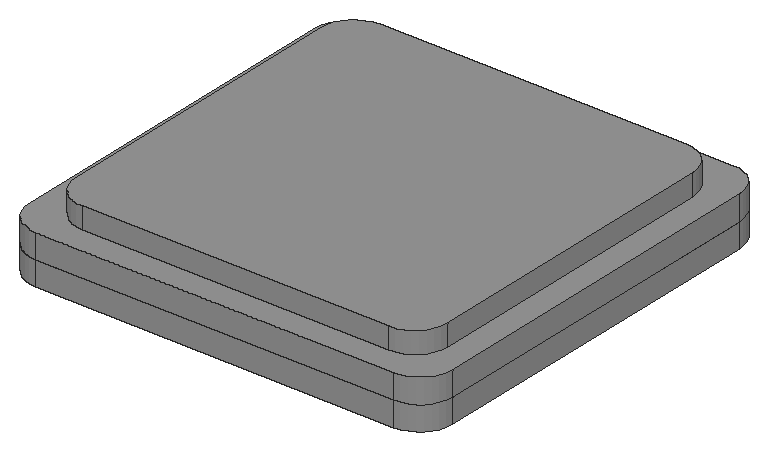
Revit family "FMS2_63_UN_Surface-mounted_ETK", category Lighting Fixtures, Revit 2019 (continued)
Definition of nested family "FMS.2 - Lightsource"
  Types (14, lengths in mm): name | Wattage Comments | Wattage | built-in parameter 1150134 | Photometric Web File | built-in parameter 1150142 | built-in parameter 1150105 | Lumens | built-in parameter 1150107 | built-in parameter 1150106 | Apparent Load
      462.4653\t461.567\t460.6688\r\n459.6422\t458.744\t457.7174\t456.6909\t455.6643\t454.5094\t453.4829\t452.4563\t451.3014\t449.505\r\n447.5802\t445.6554\t443.7306\t441.8058\t439.881\t437.8278\t435.6464\t433.5933\t431.5402\t429.487\r\n427.4339\t425.2525\t423.1994\t421.1462\t418.8365\t416.655\t414.4736\t412.2922\t410.1107\t407.801\r\n405.4912\t403.1814\t400.7434\t398.5619\t396.2522\t393.6858\t390.8627\t388.0397\t385.2166\t382.2653\r\n379.4422\t376.4909\t373.4112\t370.4598\t367.5085\t364.5571\t361.6058\t358.7827\t355.8314\t352.88\r\n349.9286\t346.9773\t344.1542\t341.2029\t338.2515\t335.1718\t332.2205\t329.2691\t326.3178\t323.1098\r\n319.7734\t316.3088\t312.8442\t309.3795\t306.0432\t302.7069\t299.2422\t295.9059\t292.5696\t289.2333\r\n285.897\t282.4323\t279.096\t275.7597\t272.295\t268.9587\t265.6224\t262.2861\t258.9498\t255.7418\r\n252.2771\t248.8125\t245.2195\t241.7549\t238.1619\t234.6973\t231.1043\t227.6397\t224.175\t220.7104\r\n217.1174\t213.7811\t210.3165\t206.8518\t203.3872\t200.0509\t196.5862\t193.2499\t189.7853\t186.3206\r\n182.5994\t179.0064\t175.5418\t171.9488\t168.3558\t164.8912\t161.4266\t157.8336\t154.2406\t150.776\r\n147.183\t143.7184\t140.2538\t136.6608\t133.1962\t129.7315\t126.3439\t122.9691\t119.5942\t116.2323\r\n112.8831\t109.5468\t106.2105\t102.8998\t99.602\t96.3042\t93.0192\t89.747\t86.4877\t83.2412\r\n79.9947\t76.7482\t73.8867\t71.0764\t68.2791\t65.4945\t62.71\t59.9383\t57.1794\t54.4205\r\n51.6745\t48.9284\t46.1952\t43.462\t40.7288\t38.0084\t34.8004\t29.7702\t24.7401\t19.71\r\n14.6798\t9.6548\t4.6259\t0\t0\t0\t0\t0\t0\t0\r\n0\r\n473.6291\t473.1158\t472.6026\t471.961\t471.4477\t470.8061\t470.2928\t469.6512\t469.0096\t468.368\r\n467.7264\t466.9565\t466.1866\t465.4166\t464.6467\t463.8768\t463.1069\t462.337\t461.567\t460.7971\r\n459.8989\t458.8723\t457.9741\t457.0758\t456.0493\t455.0227\t453.9962\t452.0714\t450.2749\t448.4784\r\n446.6819\t444.7571\t442.8323\t440.9075\t438.9827\t437.0579\t435.1331\t433.2083\t431.1552\t429.1021\r\n427.049\t424.9958\t422.9427\t420.8896\t418.7082\t416.655\t414.6019\t412.5488\t410.3674\t408.1859\r\n406.0045\t403.823\t401\t398.177\t395.4822\t392.5309\t389.7078\t386.7565\t383.9334\t381.2387\r\n378.4157\t375.5926\t372.7696\t369.9466\t367.1235\t364.3005\t361.4774\t358.6544\t355.703\t352.88\r\n350.057\t347.2339\t344.2826\t341.4595\t338.5082\t335.1718\t331.8355\t328.6275\t325.2912\t321.9549\r\n318.6186\t315.2822\t311.9459\t308.6096\t305.2733\t301.937\t298.6006\t295.2643\t291.928\t288.72\r\n285.3837\t282.0474\t278.8394\t275.503\t272.295\t268.9587\t265.4941\t261.9011\t258.4365\t254.9718\r\n251.5072\t248.0426\t244.5779\t241.1133\t237.5203\t234.0557\t230.591\t227.1264\t223.6618\t220.1971\r\n216.8608\t213.3962\t209.9315\t206.5952\t203.2589\t199.7942\t196.2013\t192.6083\t189.0154\t185.4224\r\n181.8294\t178.2365\t174.6435\t171.1789\t167.5859\t164.1213\t160.5283\t157.0637\t153.599\t150.1344\r\n146.5414\t143.0768\t139.6122\t136.1475\t132.8112\t129.3466\t125.9461\t122.5584\t119.1708\t115.796\r\n112.4212\t109.0592\t105.71\t102.3609\t99.0245\t95.7011\t92.3904\t89.0797\t85.7819\t82.5483\r\n79.6739\t76.8124\t73.9508\t71.1021\t68.2534\t65.4175\t62.5817\t59.7458\t56.9099\t54.0997\r\n51.2767\t48.4665\t45.6563\t42.8589\t40.0615\t36.43\t31.4641\t26.4981\t21.5321\t16.5533\r\n11.5873\t6.6187\t1.6476\t0\t0\t0\t0\t0\t0\t0\r\n0\r\n473.6291\t473.1158\t472.4742\t471.961\t471.3194\t470.6778\t470.1645\t469.5229\t468.8813\t468.2397\r\n467.5981\t466.9565\t466.1866\t465.4166\t464.6467\t463.8768\t463.1069\t462.337\t461.567\t460.7971\r\n460.0272\t459.2573\t458.359\t457.4608\t456.5626\t455.0227\t453.2262\t451.4298\t449.6333\t447.7085\r\n445.912\t444.1155\t442.1907\t440.3942\t438.4694\t436.5446\t434.6198\t432.695\t430.7702\t428.8454\r\n426.9206\t424.9958\t423.071\t421.0179\t418.9648\t417.04\t414.9869\t412.9338\t410.7523\t408.0576\r\n405.3629\t402.6682\t399.9734\t397.2787\t394.584\t391.761\t389.0662\t386.2432\t383.5485\t380.7254\r\n377.9024\t375.2077\t372.3846\t369.6899\t366.8669\t364.1722\t361.3491\t358.6544\t355.9597\t353.265\r\n350.4419\t347.3622\t344.0259\t340.8179\t337.4816\t334.1453\t330.9373\t327.601\t324.393\t321.0566\r\n317.8486\t314.5123\t311.3043\t307.968\t304.76\t301.552\t298.344\t295.0077\t291.7997\t288.5917\r\n285.2554\t282.0474\t278.711\t275.1181\t271.6534\t268.1888\t264.7242\t261.2595\t257.7949\t254.4586\r\n250.9939\t247.5293\t244.0646\t240.6\t237.2637\t233.799\t230.3344\t226.9981\t223.5334\t220.0688\r\n216.7325\t213.2678\t209.6749\t206.0819\t202.489\t199.0243\t195.4314\t191.8384\t188.2454\t184.7808\r\n181.1878\t177.7232\t174.1302\t170.5373\t167.0726\t163.4797\t160.015\t156.5504\t152.9574\t149.4928\r\n146.0282\t142.6918\t139.2272\t135.8909\t132.4262\t129.0899\t125.7023\t122.3018\t118.9141\t115.5265\r\n112.1388\t108.764\t105.3892\t102.0144\t98.6396\t95.2776\t91.9156\t88.6306\t85.6664\t82.7279\r\n79.7765\t76.8508\t73.9252\t71.0123\t68.0994\t65.2122\t62.325\t59.4507\t56.5635\t53.6891\r\n50.8276\t47.966\t45.0916\t42.2429\t38.4703\t33.5428\t28.6154\t23.675\t18.7476\t13.8201\r\n8.8849\t3.9535\t0\t0\t0\t0\t0\t0\t0\t0\r\n0\r\n473.6291\t473.1158\t472.4742\t471.8326\t471.191\t470.6778\t470.0362\t469.3946\t468.753\t468.1114\r\n467.4698\t466.8282\t466.1866\t465.4166\t464.6467\t464.0051\t463.2352\t462.4653\t461.6954\t460.9254\r\n460.1555\t459.3856\t458.6157\t457.8458\t456.1776\t454.3811\t452.5846\t450.7882\t448.9917\t447.1952\r\n445.3987\t443.6022\t441.8058\t440.0093\t438.2128\t436.288\t434.4915\t432.5667\t430.6419\t428.8454\r\n426.9206\t424.9958\t423.071\t421.1462\t419.3498\t417.425\t415.2435\t412.5488\t409.9824\t407.2877\r\n404.593\t401.8982\t399.2035\t396.5088\t393.9424\t391.1194\t388.553\t385.8582\t383.1635\t380.4688\r\n377.7741\t375.0794\t372.513\t369.8182\t366.9952\t364.3005\t361.6058\t358.911\t355.8314\t352.6234\r\n349.4154\t346.2074\t342.9994\t339.7914\t336.5834\t333.3754\t330.1674\t326.9594\t323.7514\t320.5434\r\n317.3354\t314.1274\t310.9194\t307.7114\t304.6317\t301.4237\t298.2157\t295.0077\t291.928\t288.4634\r\n284.9987\t281.5341\t278.0694\t274.6048\t271.1402\t267.6755\t264.2109\t260.7462\t257.4099\t253.9453\r\n250.609\t247.1443\t243.808\t240.3434\t237.007\t233.6707\t230.2061\t226.8698\t223.5334\t219.9405\r\n216.3475\t212.7546\t209.1616\t205.5686\t201.9757\t198.3827\t194.9181\t191.3251\t187.8605\t184.2675\r\n180.8029\t177.2099\t173.7453\t170.2806\t166.6877\t163.223\t159.6301\t156.1654\t152.7008\t149.2362\r\n145.7715\t142.3069\t138.9706\t135.5059\t132.0413\t128.705\t125.266\t121.8655\t118.4779\t115.0774\r\n111.6897\t108.3021\t104.9144\t101.5396\t98.1648\t94.79\t91.8001\t88.8231\t85.8461\t82.8691\r\n79.9049\t76.9407\t73.9893\t71.038\t68.0866\t65.1352\t62.1839\t59.2453\t56.294\t53.3555\r\n50.4169\t47.4784\t44.5399\t40.8956\t35.9809\t31.0791\t26.1644\t21.2626\t16.3608\t11.45\r\n6.5443\t1.6399\t0\t0\t0\t0\t0\t0\t0\t0\r\n0\r\n473.6291\t473.1158\t472.4742\t471.8326\t471.191\t470.5494\t469.9078\t469.2662\t468.6246\t467.983\r\n467.3414\t466.6998\t466.0582\t465.4166\t464.775\t464.0051\t463.3635\t462.5936\t461.8237\t461.1821\r\n460.4122\t459.6422\t458.8723\t457.2042\t455.4077\t453.7395\t452.0714\t450.2749\t448.6067\t446.9386\r\n445.1421\t443.3456\t441.5491\t439.7526\t437.9562\t436.1597\t434.3632\t432.5667\t430.7702\t428.9738\r\n427.1773\t425.2525\t423.456\t421.6595\t419.6064\t416.9117\t414.3453\t411.7789\t409.0842\t406.5178\r\n403.9514\t401.2566\t398.6902\t396.1238\t393.5574\t390.8627\t388.2963\t385.7299\t383.0352\t380.4688\r\n377.7741\t375.2077\t372.513\t369.8182\t367.2518\t364.5571\t361.3491\t358.2694\t355.0614\t351.8534\r\n348.7738\t345.5658\t342.3578\t339.2781\t336.0701\t332.9904\t329.7824\t326.5744\t323.4947\t320.2867\r\n317.207\t313.999\t310.791\t307.7114\t304.5034\t301.2954\t298.0874\t294.6227\t291.1581\t287.8218\r\n284.3571\t280.8925\t277.5562\t274.0915\t270.7552\t267.2906\t263.8259\t260.4896\t257.1533\t253.6886\r\n250.3523\t247.016\t243.5514\t240.215\t236.8787\t233.5424\t230.0778\t226.4848\t222.8918\t219.4272\r\n215.8342\t212.2413\t208.6483\t205.0554\t201.5907\t197.9978\t194.4048\t190.9402\t187.3472\t183.8826\r\n180.2896\t176.825\t173.3603\t169.7674\t166.3027\t162.8381\t159.3734\t155.9088\t152.4442\t148.9795\r\n145.5149\t142.1786\t138.7139\t135.2493\t131.913\t128.4483\t125.035\t121.6089\t118.1956\t114.7694\r\n111.3689\t107.9556\t104.5551\t101.1547\t97.9467\t94.944\t91.9284\t88.9258\t85.9102\t82.9076\r\n79.9049\t76.9022\t73.8995\t70.9096\t67.9069\t64.9171\t61.9272\t58.9374\t55.9604\t52.9705\r\n49.9935\t47.0036\t43.7186\t38.8296\t33.9278\t29.0388\t24.137\t19.248\t14.359\t9.4598\r\n4.5656\t0\t0\t0\t0\t0\t0\t0\t0\t0\r\n0\r\n473.6291\t472.9875\t472.3459\t471.7043\t471.191\t470.5494\t469.9078\t469.2662\t468.6246\t467.983\r\n467.3414\t466.6998\t466.0582\t465.4166\t464.6467\t464.0051\t463.3635\t462.7219\t462.0803\t461.3104\r\n460.6688\t459.8989\t458.4874\t456.8192\t455.151\t453.3546\t451.6864\t449.8899\t448.2218\t446.4253\r\n444.7571\t443.089\t441.2925\t439.6243\t437.8278\t436.1597\t434.3632\t432.5667\t430.7702\t428.9738\r\n427.1773\t425.3808\t423.7126\t421.4029\t418.8365\t416.3984\t413.832\t411.2656\t408.6992\t406.1328\r\n403.5664\t401\t398.4336\t395.8672\t393.3008\t390.7344\t388.168\t385.6016\t383.0352\t380.4688\r\n377.9024\t375.336\t372.7696\t370.0749\t367.1235\t363.9155\t360.8358\t357.6278\t354.5482\t351.4685\r\n348.2605\t345.1808\t342.1011\t339.0214\t335.8134\t332.7338\t329.6541\t326.4461\t323.3664\t320.1584\r\n317.0787\t313.999\t310.791\t307.7114\t304.375\t301.0387\t297.5741\t294.2378\t290.7731\t287.4368\r\n283.9722\t280.6358\t277.1712\t273.8349\t270.4986\t267.0339\t263.6976\t260.3613\t256.8966\t253.5603\r\n250.224\t246.8877\t243.423\t240.0867\t236.6221\t233.1574\t229.5645\t226.0998\t222.5069\t218.9139\r\n215.4493\t211.8563\t208.3917\t204.7987\t201.3341\t197.7411\t194.2765\t190.6835\t187.2189\t183.6259\r\n180.1613\t176.5683\t173.1037\t169.5107\t166.0461\t162.5814\t159.1168\t155.7805\t152.3158\t148.8512\r\n145.3866\t141.9219\t138.4573\t134.9926\t131.528\t128.1532\t124.7142\t121.2752\t117.8491\t114.4101\r\n110.984\t107.5578\t104.1188\t101.0007\t97.9723\t94.944\t91.9156\t88.8873\t85.8589\t82.8434\r\n79.815\t76.7995\t73.784\t70.7556\t67.7401\t64.7246\t61.7091\t58.6936\t55.678\t52.6625\r\n49.6598\t46.6443\t42.089\t37.2\t32.2981\t27.4092\t22.5073\t17.6183\t12.7255\t7.8314\r\n2.9372\t0\t0\t0\t0\t0\t0\t0\t0\t0\r\n0\r\n473.6291\t472.9875\t472.3459\t471.7043\t471.0627\t470.4211\t469.7795\t469.1379\t468.4963\t467.8547\r\n467.2131\t466.5715\t465.9299\t465.2883\t464.6467\t464.0051\t463.3635\t462.7219\t462.0803\t461.4387\r\n460.7971\t459.7706\t458.1024\t456.5626\t454.7661\t453.0979\t451.4298\t449.7616\t448.0934\t446.4253\r\n444.6288\t442.9606\t441.2925\t439.496\t437.8278\t436.1597\t434.3632\t432.695\t430.8986\t429.2304\r\n427.4339\t425.7658\t423.456\t421.0179\t418.4515\t415.8851\t413.447\t410.8806\t408.3142\t405.8762\r\n403.3098\t400.7434\t398.177\t395.6106\t393.0442\t390.6061\t388.0397\t385.4733\t383.0352\t380.4688\r\n377.9024\t375.336\t372.6413\t369.5616\t366.4819\t363.4022\t360.3226\t357.2429\t354.1632\t351.0835\r\n348.0038\t344.9242\t341.7162\t338.6365\t335.5568\t332.4771\t329.3974\t326.3178\t323.2381\t320.1584\r\n317.0787\t313.999\t310.9194\t307.4547\t304.1184\t300.6538\t297.3174\t293.9811\t290.5165\t287.1802\r\n283.8438\t280.3792\t277.0429\t273.7066\t270.3702\t266.9056\t263.5693\t260.233\t256.7683\t253.432\r\n250.0957\t246.7594\t243.2947\t239.8301\t236.2371\t232.7725\t229.1795\t225.7149\t222.2502\t218.6573\r\n215.1926\t211.5997\t208.135\t204.5421\t201.0774\t197.6128\t194.0198\t190.5552\t187.0906\t183.4976\r\n180.033\t176.5683\t172.9754\t169.5107\t166.0461\t162.5814\t159.1168\t155.6522\t152.1875\t148.7229\r\n145.2582\t141.7936\t138.329\t134.8643\t131.3997\t127.9864\t124.5346\t121.0699\t117.6181\t114.1663\r\n110.7145\t107.2627\t104.1188\t101.0648\t98.0236\t94.9825\t91.9413\t88.9001\t85.8589\t82.8177\r\n79.7765\t76.7354\t73.707\t70.6658\t67.6246\t64.5835\t61.5551\t58.5139\t55.4727\t52.4444\r\n49.4032\t45.7461\t40.8571\t35.9553\t31.0534\t26.1516\t21.2626\t16.3608\t11.459\t6.5597\r\n1.6617\t0\t0\t0\t0\t0\t0\t0\t0\t0\r\n0\r\n473.6291\t472.9875\t472.3459\t471.7043\t471.0627\t470.4211\t469.7795\t469.1379\t468.4963\t467.8547\r\n467.2131\t466.5715\t465.9299\t465.2883\t464.6467\t464.0051\t463.3635\t462.7219\t462.0803\t461.4387\r\n460.7971\t459.5139\t457.8458\t456.1776\t454.5094\t452.8413\t451.1731\t449.505\t447.8368\t446.1686\r\n444.5005\t442.9606\t441.2925\t439.6243\t437.9562\t436.288\t434.6198\t432.8234\t431.1552\t429.487\r\n427.8189\t425.7658\t423.1994\t420.7613\t418.1949\t415.7568\t413.1904\t410.7523\t408.1859\t405.6195\r\n403.1814\t400.615\t398.177\t395.6106\t393.0442\t390.6061\t388.0397\t385.6016\t383.0352\t380.5971\r\n378.0307\t375.4643\t372.3846\t369.305\t366.2253\t363.1456\t360.0659\t356.9862\t353.9066\t350.8269\r\n347.7472\t344.6675\t341.5878\t338.5082\t335.4285\t332.4771\t329.3974\t326.3178\t323.2381\t320.1584\r\n317.0787\t313.999\t310.6627\t307.1981\t303.8618\t300.5254\t297.1891\t293.8528\t290.3882\t287.0518\r\n283.7155\t280.3792\t276.9146\t273.5782\t270.2419\t266.9056\t263.5693\t260.1046\t256.7683\t253.432\r\n250.0957\t246.631\t243.1664\t239.7018\t236.1088\t232.6442\t229.0512\t225.5866\t221.9936\t218.529\r\n215.0643\t211.4714\t208.0067\t204.4138\t200.9491\t197.4845\t193.8915\t190.4269\t186.8339\t183.3693\r\n179.9046\t176.3117\t172.847\t169.3824\t165.9178\t162.4531\t158.9885\t155.5238\t152.0592\t148.5946\r\n145.1299\t141.7936\t138.329\t134.8643\t131.3997\t127.8965\t124.4319\t120.9801\t117.5155\t114.0636\r\n110.599\t107.314\t104.26\t101.1932\t98.1391\t95.0723\t92.0183\t88.9514\t85.8974\t82.8306\r\n79.7765\t76.7225\t73.6557\t70.6017\t67.5476\t64.4936\t61.4396\t58.3856\t55.3188\t52.2647\r\n49.2107\t44.8607\t39.9588\t35.057\t30.1552\t25.2534\t20.3516\t15.4497\t10.5453\t5.6435\r\n0.741\t0\t0\t0\t0\t0\t0\t0\t0\t0\r\n0\r\n473.6291\t472.9875\t472.3459\t471.7043\t471.0627\t470.4211\t469.7795\t469.1379\t468.4963\t467.8547\r\n467.2131\t466.5715\t465.9299\t465.2883\t464.6467\t464.0051\t463.3635\t462.7219\t462.0803\t461.567\r\n460.9254\t459.2573\t457.5891\t456.0493\t454.3811\t452.713\t451.0448\t449.3766\t447.7085\t446.0403\r\n444.3722\t442.704\t441.1642\t439.496\t437.8278\t436.1597\t434.4915\t432.8234\t431.1552\t429.487\r\n427.8189\t425.5091\t422.9427\t420.5046\t417.9382\t415.5002\t413.0621\t410.4957\t408.0576\t405.4912\r\n403.0531\t400.615\t398.0486\t395.6106\t393.0442\t390.6061\t388.0397\t385.6016\t383.1635\t380.5971\r\n378.159\t375.2077\t372.128\t369.0483\t366.097\t363.0173\t359.9376\t356.9862\t353.9066\t350.8269\r\n347.7472\t344.7958\t341.7162\t338.6365\t335.5568\t332.6054\t329.5258\t326.4461\t323.3664\t320.2867\r\n317.207\t313.999\t310.5344\t307.1981\t303.8618\t300.3971\t297.0608\t293.7245\t290.3882\t286.9235\r\n283.5872\t280.2509\t276.9146\t273.5782\t270.1136\t266.7773\t263.441\t260.1046\t256.7683\t253.3037\r\n249.9674\t246.5027\t243.0381\t239.4451\t235.9805\t232.5158\t228.9229\t225.4582\t221.9936\t218.4006\r\n214.936\t211.4714\t207.8784\t204.4138\t200.9491\t197.3562\t193.8915\t190.4269\t186.8339\t183.3693\r\n179.9046\t176.44\t172.9754\t169.5107\t166.0461\t162.5814\t159.1168\t155.6522\t152.1875\t148.7229\r\n145.2582\t141.7936\t138.329\t134.8643\t131.3997\t127.8709\t124.4062\t120.9416\t117.477\t114.0123\r\n110.5477\t107.4295\t104.3627\t101.2958\t98.229\t95.1621\t92.0953\t89.0284\t85.9616\t82.8947\r\n79.8279\t76.761\t73.6942\t70.6273\t67.5605\t64.4936\t61.4268\t58.3599\t55.2931\t52.2262\r\n49.1594\t44.3859\t39.4712\t34.5566\t29.6548\t24.7401\t19.8254\t14.9236\t10.0077\t5.0969\r\n0.1859\t0\t0\t0\t0\t0\t0\t0\t0\t0\r\n0\r\n473.6291\t472.9875\t472.4742\t471.8326\t471.191\t470.5494\t469.9078\t469.2662\t468.6246\t467.983\r\n467.3414\t466.6998\t466.0582\t465.4166\t464.775\t464.1334\t463.4918\t462.8502\t462.2086\t461.567\r\n460.9254\t459.2573\t457.7174\t456.0493\t454.3811\t452.713\t451.0448\t449.3766\t447.7085\t446.0403\r\n444.5005\t442.8323\t441.1642\t439.496\t437.8278\t436.1597\t434.4915\t432.8234\t431.2835\t429.6154\r\n427.9472\t425.3808\t422.9427\t420.3763\t417.9382\t415.5002\t412.9338\t410.4957\t407.9293\t405.4912\r\n402.9248\t400.4867\t397.9203\t395.4822\t393.0442\t390.4778\t388.0397\t385.4733\t383.0352\t380.4688\r\n378.0307\t374.951\t371.9997\t368.92\t365.8403\t362.889\t359.8093\t356.7296\t353.7782\t350.6986\r\n347.6189\t344.6675\t341.5878\t338.5082\t335.5568\t332.4771\t329.3974\t326.4461\t323.3664\t320.2867\r\n317.3354\t313.8707\t310.5344\t307.1981\t303.8618\t300.5254\t297.0608\t293.7245\t290.3882\t287.0518\r\n283.7155\t280.2509\t276.9146\t273.5782\t270.2419\t266.9056\t263.441\t260.1046\t256.7683\t253.432\r\n249.9674\t246.5027\t243.0381\t239.5734\t235.9805\t232.5158\t229.0512\t225.4582\t221.9936\t218.529\r\n215.0643\t211.4714\t208.0067\t204.5421\t200.9491\t197.4845\t194.0198\t190.4269\t186.9622\t183.4976\r\n180.033\t176.5683\t172.9754\t169.5107\t166.0461\t162.5814\t159.1168\t155.6522\t152.1875\t148.7229\r\n145.2582\t141.7936\t138.329\t134.8643\t131.3997\t127.935\t124.4704\t121.0058\t117.5283\t114.0636\r\n110.599\t107.5322\t104.4525\t101.3856\t98.3188\t95.2519\t92.1851\t89.1182\t86.0514\t82.9717\r\n79.9049\t76.838\t73.7712\t70.7043\t67.6375\t64.5706\t61.5038\t58.4241\t55.3572\t52.2904\r\n49.2236\t44.2961\t39.3814\t34.4539\t29.5393\t24.6118\t19.6843\t14.7696\t9.8447\t4.9224\r\n0\t0\t0\t0\t0\t0\t0\t0\t0\t0\r\n0\r\n473.6291\t472.9875\t472.3459\t471.8326\t471.191\t470.5494\t469.9078\t469.2662\t468.6246\t467.983\r\n467.3414\t466.6998\t466.0582\t465.4166\t464.6467\t464.0051\t463.3635\t462.7219\t462.0803\t461.4387\r\n460.7971\t459.2573\t457.5891\t455.921\t454.2528\t452.713\t451.0448\t449.3766\t447.7085\t446.0403\r\n444.3722\t442.8323\t441.1642\t439.496\t437.8278\t436.1597\t434.4915\t432.9517\t431.2835\t429.6154\r\n427.9472\t425.6374\t423.071\t420.633\t418.1949\t415.6285\t413.1904\t410.624\t408.1859\t405.6195\r\n403.1814\t400.615\t398.177\t395.6106\t393.1725\t390.6061\t388.168\t385.7299\t383.1635\t380.7254\r\n378.159\t375.2077\t372.128\t369.1766\t366.097\t363.0173\t359.9376\t356.8579\t353.9066\t350.8269\r\n347.7472\t344.6675\t341.7162\t338.6365\t335.5568\t332.4771\t329.3974\t326.4461\t323.3664\t320.2867\r\n317.207\t313.999\t310.6627\t307.1981\t303.8618\t300.5254\t297.1891\t293.8528\t290.5165\t287.0518\r\n283.7155\t280.3792\t277.0429\t273.7066\t270.3702\t266
